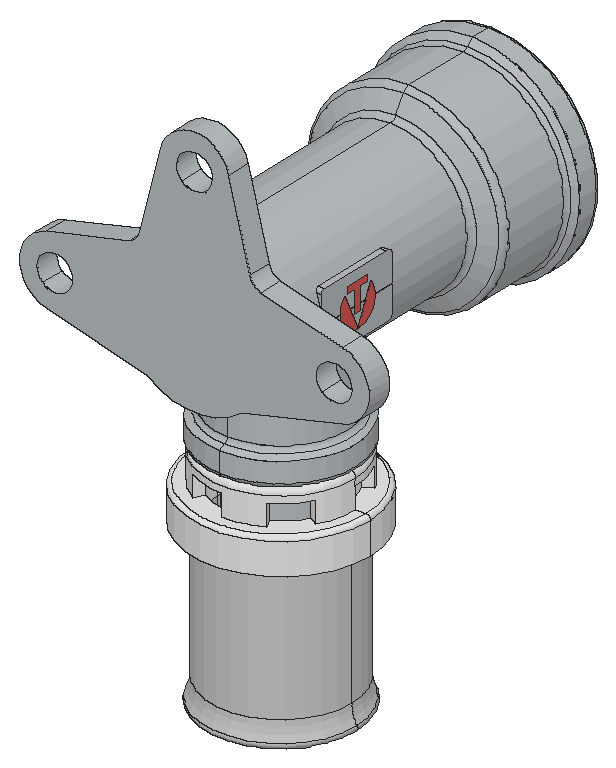
Revit family "VTm_254Н_ВодорозеткаПрессУдлинен_ПереходВнутрРезьба", category Соединительные детали трубопроводов, Revit 2017
Family settings
  Размер круглого соединителя = Использовать диаметр
  Тип детали = Отвод
  На основе рабочей плоскости = Нет
  Всегда вертикально = Да
  При загрузке вырезать с полостями = Нет
  Общий = Нет
Parameters (values of type "16 х 1/2"")
  Тело = VTm_254Н_ТелоРозетки_16_на_ПолДюйма : VTm_254Н_ТелоРозетки_16_на_ПолДюйма
  Стоимость = 0
  Символ вид сбоку и модель [instance] = yes
  Символ в плане и вид спереди [instance] = yes
  Резьба = VTm_254Н_РезьбаСоСбегами_Внутр : 1/2" х 5 х 1
  РадОтверстий = 2.50 mm  # constant formula
  РадНаружПодРезьбу = 12.00 mm
  РадВнутрПодРезьбу = 11.00 mm
  РадБазы2 = DN2 / 4  # 3.75 mm
  РадБазы1 = DN1 / 4  # 4.00 mm
  ПодРезьбу х 07 = ПодРезьбу * 0.7  # 9.096 mm
  ПодРезьбу = 12.995 mm
  Описание = "Служит для соединения резьбовых фитингов и сантехприборов с системами металлополимерных, PEX и PE труб на пресс с поворотом на 90° и неподвижным креплением к строительным конструкциям"  # constant formula
  Комментарии к типоразмеру = "Модель разработана по заказу ВЕСТА Регионы, автор Михаил Кузьмин НПО Инкомис, правообладатель ВЕСТА Регионы"  # constant formula
  Изготовитель = "VALTEC"  # constant formula
  ДоЦентраОтверстий = 17.50 mm
  ДоПятки = 13.50 mm
  ДлинаБазы2 = 20.00 mm
  ДлинаБазы1 = 20.40 mm
  Гильза = VTm_254Н_Гильза_16 : 16
  Видеть резьбу [instance] = yes
  VT_Цена базовая = 251
  VT_sleeve = Нержавеющая сталь
  VT_ring = Пластмасса, непрозрачная, белая
  VT_logo [instance] = Алюминий, анодированный красный
  VT_body = Цинк
  URL = "http://valtec.ru/catalog/sistemy_metallopolimernyh_i_polimernyh_truboprovodov/press_fitingi/press_fiting_ugolnik_s_krepleniem_vodorozetka_vtm254n.html"
  DN2 = 15.00 mm
  DN1 = 16.00 mm
  ADSK_Примечание = ""
  ADSK_Позиция = "254Н.1604"
  ADSK_Обозначение = "VTm.254Н.N.001604"
  ADSK_Наименование = "Водорозетка удлиненная пресс с переходом на внутреннюю резьбу 16х1/2\" VTm.254Н"
  ADSK_Масса_Текст = "0,119"
  ADSK_Масса = 0.119
  ADSK_Завод-изготовитель = "VALTEC"  # constant formula
  ADSK_Единица измерения = "шт"  # constant formula
  ADSK_Версия семейства = "01.01"  # constant formula
  ADSK_Версия Revit = "2017"  # constant formula
Reference planes
  plane 1 "По центру (Вперед/Назад)": y = 0
  plane 2: z = 0
  plane 3 "По центру (Влево/Вправо)": x = 0
  plane 4: y = 20
  plane 5: y = 32.995
  plane 6: z = -20.4
  plane 7: z = -36.4
  plane 8: z = -52.4
  plane 9: x = -16
  plane 10: x = 16
  plane 11: y = 29.096
  plane 12: y = 16
  plane 13: y = -16
  plane 14: z = -15
  plane 15: z = 15
  plane 16: x = -15
  plane 17: x = 15
  plane 18 "Пятка": y = -13.5
  plane 19: z = 17.5
  plane 20: x = 17.5
  plane 21: x = -17.5
Forms (mm)
  Extrusion 1, solid, not visible
    sketch origin (0, 0, 0) x (1, 0, 0) y (0, 0, 1)
      loop
        circle (0, 0) r 3.75
    from -20 to 0
  Extrusion 2, solid, not visible
    sketch origin (0, 0, 0) x (1, 0, 0) y (0, 1, 0)
      loop
        circle (0, 0) r 4
    from -20.4 to 0
  Extrusion 3, solid, material "Цинк" <- "VT_body", not visible
    sketch origin (0, 0, 0) x (1, 0, 0) y (0, 0, 1)
      loop
        circle (0, 0) r 12
      loop
        circle (0, 0) r 11
    from -32.995 to -20
Lines and regions (mm)
  model lines, style "VT_symbol", visible <- "Символ в плане и вид спереди", detail levels medium
    curve 1: line (-16, 0, -20.4) -> (16, 0, -52.4)
    curve 2: line (-16, 0, -52.4) -> (16, 0, -20.4)
    curve 10: line (-15, 29.096, 0) -> (-15, 20, 0)
    curve 11: line (-15, 20, 0) -> (15, 20, 0)
    curve 12: line (15, 20, 0) -> (15, 29.096, 0)
  model lines, style "VT_symbol", detail levels coarse+medium
    curve 3: line (0, 0, 0) -> (0, 0, -20.4)
    curve 4: line (0, 20, 0) -> (0, 0, 0)
  model lines, style "VT_symbol", visible <- "Символ вид сбоку и модель", detail levels medium
    curve 5: line (0, 16, -20.4) -> (0, -16, -52.4)
    curve 6: line (0, 16, -52.4) -> (0, -16, -20.4)
    curve 7: line (0, 29.096, 15) -> (0, 20, 15)
    curve 8: line (0, 20, 15) -> (0, 20, -15)
    curve 9: line (0, 20, -15) -> (0, 29.096, -15)
  model lines, style "VT_symbol", detail levels medium
    curve 13: line (-17.5, -13.5, 0) -> (17.5, -13.5, 0)
    curve 14: line (0, -13.5, 17.5) -> (0, -13.5, 0)
    curve 15: circle (0, -13.5, 17.5) r 2.5 normal (0, -1, 0)
    curve 16: circle (-17.5, -13.5, 0) r 2.5 normal (0, -1, 0)
    curve 17: circle (17.5, -13.5, 0) r 2.5 normal (0, -1, 0)
Dimensions and locks
  "ДлинаБазы2": plane 4 to plane 1 "По центру (Вперед/Назад)"
  "ПодРезьбу": plane 5 to plane 4
  "ДлинаБазы1": plane 2 to plane 6
  equal spacing: plane 10, plane 3 "По центру (Влево/Вправо)", plane 9
  equal spacing: plane 6, plane 7, plane 8
  "DN1": plane 3 "По центру (Влево/Вправо)" to plane 9
  "DN1": plane 6 to plane 7
  equal spacing: plane 12, plane 1 "По центру (Вперед/Назад)", plane 13
  "DN1": plane 1 "По центру (Вперед/Назад)" to plane 13
  equal spacing: plane 14, plane 2, plane 15
  "DN2": plane 2 to plane 15
  "ПодРезьбу х 07": plane 11 to plane 4
  equal spacing: plane 16, plane 3 "По центру (Влево/Вправо)", plane 17
  "DN2": plane 16 to plane 3 "По центру (Влево/Вправо)"
  equal spacing: plane 21, plane 3 "По центру (Влево/Вправо)", plane 20
  "ДоЦентраОтверстий": plane 20 to plane 3 "По центру (Влево/Вправо)"
  "ДоЦентраОтверстий": plane 19 to plane 2
  "ДоПятки": plane 18 "Пятка" to plane 1 "По центру (Вперед/Назад)"
  "РадБазы2": radius of Extrusion 1 sketch curve
  "РадБазы1": radius of Extrusion 2 sketch curve
  "РадВнутрПодРезьбу": radius of Extrusion 3 sketch curve
  "РадНаружПодРезьбу": radius of Extrusion 3 sketch curve
  "РадОтверстий": radius of curve 15
  "РадОтверстий": radius of curve 16
  "РадОтверстий": radius of curve 17
  aligned and locked: level to plane 2
  aligned and locked: plane 3 "По центру (Влево/Вправо)" to Extrusion 1 sketch curve
  aligned and locked: plane 2 to Extrusion 1 sketch curve
  aligned and locked: plane 4 to Extrusion 1
  aligned and locked: plane 1 "По центру (Вперед/Назад)" to Extrusion 1
  aligned and locked: plane 3 "По центру (Влево/Вправо)" to Extrusion 2 sketch curve
  aligned and locked: plane 1 "По центру (Вперед/Назад)" to Extrusion 2 sketch curve
  aligned and locked: Extrusion 2 to plane 6
  aligned and locked: plane 2 to Extrusion 2
  aligned and locked: plane 3 "По центру (Влево/Вправо)" to Extrusion 3 sketch curve  (x2)
  aligned and locked: plane 2 to Extrusion 3 sketch curve  (x2)
  aligned and locked: plane 5 to Extrusion 3
  aligned and locked: Extrusion 3 to plane 4
  aligned and locked: plane 3 "По центру (Влево/Вправо)" to nested 1
  aligned and locked: nested 2 to plane 1 "По центру (Вперед/Назад)"
  aligned and locked: plane 3 "По центру (Влево/Вправо)" to nested 2
  aligned and locked: plane 3 "По центру (Влево/Вправо)" to nested 3
  aligned and locked: nested 3 to plane 2
  aligned and locked: plane 1 "По центру (Вперед/Назад)" to nested 4
  aligned and locked: plane 3 "По центру (Влево/Вправо)" to nested 4
  aligned and locked: nested 5 to plane 2
  aligned and locked: plane 3 "По центру (Влево/Вправо)" to nested 5
  aligned and locked: plane 9 to curve 1
  aligned and locked: plane 6 to curve 1
  aligned and locked: plane 10 to curve 2
  aligned and locked: plane 6 to curve 2
  aligned and locked: plane 10 to curve 1
  aligned and locked: plane 8 to curve 1
  aligned and locked: plane 8 to curve 2
  aligned and locked: plane 9 to curve 2
  aligned and locked: plane 6 to curve 3
  aligned and locked: plane 2 to curve 3
  aligned and locked: curve 3 to plane 3 "По центру (Влево/Вправо)"
  aligned and locked: curve 3 to plane 1 "По центру (Вперед/Назад)"
  aligned and locked: plane 4 to curve 4
  aligned and locked: plane 1 "По центру (Вперед/Назад)" to curve 4
  aligned and locked: curve 4 to plane 3 "По центру (Влево/Вправо)"
  aligned and locked: plane 12 to curve 5
  aligned and locked: plane 6 to curve 5
  aligned and locked: plane 6 to curve 6
  aligned and locked: plane 13 to curve 6
  aligned and locked: plane 13 to curve 5
  aligned and locked: plane 8 to curve 5
  aligned and locked: plane 8 to curve 6
  aligned and locked: plane 12 to curve 6
  aligned and locked: plane 4 to curve 8
  aligned and locked: plane 15 to curve 7
  aligned and locked: plane 14 to curve 9
  aligned and locked: plane 11 to curve 7
  aligned and locked: plane 11 to curve 9
  aligned and locked: curve 10 to plane 16
  aligned and locked: curve 11 to plane 4
  aligned and locked: plane 17 to curve 12
  aligned and locked: curve 14 to plane 3 "По центру (Влево/Вправо)"
  aligned and locked: curve 13 to plane 2
  aligned and locked: plane 19 to curve 14
  aligned and locked: plane 21 to curve 13
  aligned and locked: plane 20 to curve 13
  aligned and locked: plane 21 to curve 16
  aligned and locked: plane 2 to curve 16
  aligned and locked: plane 20 to curve 17
  aligned and locked: plane 2 to curve 17
  aligned and locked: plane 3 "По центру (Влево/Вправо)" to curve 15
  aligned and locked: plane 19 to curve 15
  aligned and locked: curve 5 to plane 3 "По центру (Влево/Вправо)"
  aligned and locked: plane 3 "По центру (Влево/Вправо)" to curve 6
  aligned and locked: curve 1 to plane 1 "По центру (Вперед/Назад)"
  aligned and locked: plane 1 "По центру (Вперед/Назад)" to curve 2
  aligned and locked: curve 8 to plane 3 "По центру (Влево/Вправо)"
  aligned and locked: plane 1 "По центру (Вперед/Назад)" to nested 1
Automatic sketch dimensions
  plane 11 to curve 12 = 0.00 mm
  plane 11 to curve 10 = 0.00 mm
Nested families
  nested 1: "VTm_254Н_ТелоРозетки_16_на_ПолДюйма" at (0, 0, 0), type <- "Тело", type "VTm_254Н_ТелоРозетки_16_на_ПолДюйма", detail levels fine
  nested 2: "VTm_254Н_Гильза_16" at (0, 0, -20.4) x (1, 0, 0) z (0, 0, -1), type <- "Гильза", type "16", detail levels fine
  nested 3: "VTm_254Н_РезьбаСоСбегами_Внутр" at (0, 32.995, 0) x (1, 0, 0) z (0, -1, 0), type <- "Резьба", visible <- "Видеть резьбу", type "1/2" х 5 х 1", detail levels fine
  nested 4: "MarkR" at (0, 0, -20.4), type "MarkR", not visible
  nested 5: "MarkR" at (0, 20, 0) x (1, 0, 0) z (0, -1, 0), type "MarkR", not visible
Connectors
  piping at (0, 0, -20.4), diameter 16, driven by "DN1"
    settings: on Extrusion 2, index 1, connector inside diameter 609.6 mm, connector length 0.00 mm, flow factor 0, pipe flow 0.0 L/s, pressure drop 0.0 Pa, fitting loss kfactor 0, connector angle 0.00°, fixture units 0, engagement length 0.00 mm, angle of deflection 0.00°, flow configuration 0, flow direction 0, fitting loss method 0, system type 28, joint type 0, gender type 0, connector reference index 2, connector utility 0, adjustable connector no, is connector primary yes, connector description ""
  piping at (0, 20, 0), diameter 15, driven by "DN2"
    settings: on Extrusion 1, index 2, connector inside diameter 609.6 mm, connector length 0.00 mm, flow factor 0, pipe flow 0.0 L/s, pressure drop 0.0 Pa, fitting loss kfactor 0, connector angle 90.00°, fixture units 0, engagement length 0.00 mm, angle of deflection 0.00°, flow configuration 0, flow direction 0, fitting loss method 0, system type 28, joint type 0, gender type 0, connector reference index 1, connector utility 0, adjustable connector no, is connector primary no, connector description ""
Definition of nested family "VTm_254Н_ТелоРозетки_16_на_ПолДюйма"
  Parameters (values of type "VTm_254Н_ТелоРозетки_16_на_ПолДюйма")
    Description = ""
    Type Comments = ""
    VT_logo = none
    VT_body = none
  Reference planes
    plane 1 "По центру (Вперед/Назад)": y = 0
    plane 2: z = 0
    plane 3 "По центру (Влево/Вправо)": x = 0
    plane 4: z = 22
    plane 5: z = 17.5
    plane 6: x = 22
    plane 7: x = 17.5
    plane 8: x = -22
    plane 9: x = -17.5
    plane 10: x = -9.5
    plane 11: x = 9.5
  Forms (mm)
    Revolve 1, solid, material <- "VT_body"
      sketch origin (0, 0, 0) x (0, 1, 0) y (0, 0, 1)
        loop
          line (28.586, 12.5) -> (20.08, 12.5)
          arc (20.08, 12.5) -> (19.578, 12.366) -> (19.21, 11.998) r 1.004
          line (19.21, 11.998) -> (18.061, 10.007)
          arc (18.061, 10.007) -> (17.69, 9.636) -> (17.183, 9.5) r 1.014
          line (17.183, 9.5) -> (-10.5, 9.5) -> (-10.5, 0) -> (20, 0) -> (20, 9.9) -> (32.287, 9.9) -> (33, 10.613) -> (33, 12.998)
          arc (33, 12.998) -> (32.853, 13.353) -> (32.498, 13.5) r 0.502
          line (32.498, 13.5) -> (30, 13.5) -> (29.292, 12.793)
          arc (29.292, 12.793) -> (28.968, 12.576) -> (28.586, 12.5) r 0.999
        axis (33, 0) -> (-10.5, 0)
      angle from 0 to 360
    Revolve 2, solid, material <- "VT_body"
      sketch origin (0, 0, 0) x (0, 1, 0) y (0, 0, 1)
        loop
          line (8.344, 0) -> (0, 0) -> (0, -18.6) -> (8.997, -18.6)
          arc (8.997, -18.6) -> (9.353, -18.453) -> (9.5, -18.097) r 0.503
          line (9.5, -18.097) -> (9.5, -15.6) -> (8.736, -15.159)
          arc (8.736, -15.159) -> (8.449, -14.872) -> (8.344, -14.479) r 0.785
          line (8.344, -14.479) -> (8.344, 0)
        axis (0, -18.6) -> (0, 0)
      angle from 0 to 360
    Extrusion 3, solid, material <- "VT_body"
      sketch origin (-1.204, 0, -4.867) x (-0.707107, 0, -0.707107) y (0.707107, 0, -0.707107)
        loop
          arc (5.143, -1.486) -> (2.425, 4.127) -> (-3.188, 6.845) r 9.5
          line (-3.188, 6.845) -> (-14.381, 13.582)
          arc (-14.381, 13.582) -> (-19.802, 12.918) -> (-20.465, 7.498) r 4.433
          line (-20.465, 7.498) -> (-15.014, -1.559)
          arc (-15.014, -1.559) -> (-14.727, -2.591) -> (-15.014, -3.622) r 2
          line (-15.014, -3.622) -> (-20.465, -12.679)
          arc (-20.465, -12.679) -> (-19.802, -18.099) -> (-14.381, -18.763) r 4.433
          line (-14.381, -18.763) -> (-5.324, -13.312)
          arc (-5.324, -13.312) -> (-4.293, -13.025) -> (-3.261, -13.312) r 2
          line (-3.261, -13.312) -> (5.796, -18.763)
          arc (5.796, -18.763) -> (11.216, -18.099) -> (11.879, -12.679) r 4.433
          line (11.879, -12.679) -> (5.143, -1.486)
        loop
          circle (8.082, -14.965) r 2.25
        loop
          circle (-16.667, -14.965) r 2.25
        loop
          circle (-16.667, 9.784) r 2.25
      from 10.5 to 13.5
    Extrusion 4, solid, material <- "VT_body"
      sketch origin (0, 0, 0) x (0, 1, 0) y (0, 0, 1)
        loop
          arc (-4.968, 4) -> (-5.344, 3.844) -> (-5.5, 3.468) r 0.532
          line (-5.5, 3.468) -> (-5.5, -3.347)
          arc (-5.5, -3.347) -> (-5.309, -3.809) -> (-4.847, -4) r 0.653
          line (-4.847, -4) -> (4.652, -4)
          arc (4.652, -4) -> (5.252, -3.752) -> (5.5, -3.152) r 0.848
          line (5.5, -3.152) -> (5.5, 3.27)
          arc (5.5, 3.27) -> (5.286, 3.786) -> (4.77, 4) r 0.73
          line (4.77, 4) -> (-4.968, 4)
      from -9.5 to 9.5
  Cuts and joins
    joined: Revolve 1, Revolve 2
  Dimensions and locks
    Revolve 1 sketch curve to Revolve 1 sketch curve = 13.00 mm
    equal spacing: Extrusion 4 sketch curve, plane 1 "По центру (Вперед/Назад)", Extrusion 4 sketch curve
    equal spacing: Extrusion 4 sketch curve, plane 2, Extrusion 4 sketch curve
    plane 1 "По центру (Вперед/Назад)" to Extrusion 4 sketch curve = 5.50 mm
    Extrusion 4 sketch curve to plane 2 = 4.00 mm
    equal spacing: plane 11, plane 3 "По центру (Влево/Вправо)", plane 10, locked at 9.5 each
    plane 3 "По центру (Влево/Вправо)" to plane 10 = 9.50 mm
    locked: plane 1 "По центру (Вперед/Назад)" to Extrusion 3 at 13.5
    locked: plane 1 "По центру (Вперед/Назад)" to Extrusion 3 at 10.5
    locked: plane 5 to plane 2 at 17.5
    locked: plane 4 to plane 2 at 22
    locked: plane 2 to Revolve 2 at 15.6
    Revolve 1 to plane 1 "По центру (Вперед/Назад)" = 33.00 mm
    Revolve 1 to plane 1 "По центру (Вперед/Назад)" = 20.00 mm
    equal spacing: Extrusion 4, plane 2, Extrusion 4, locked at 4 each
    equal spacing: Extrusion 4, plane 1 "По центру (Вперед/Назад)", Extrusion 4, locked at 5.5 each
    equal spacing: plane 9, plane 3 "По центру (Влево/Вправо)", plane 7, locked at 17.5 each
    equal spacing: plane 8, plane 3 "По центру (Влево/Вправо)", plane 6, locked at 22 each
    aligned and locked: level to plane 2
    aligned and locked: Revolve 1 sketch curve to plane 2
    aligned and locked: Revolve 1 sketch curve to Revolve 1 sketch curve
    aligned and locked: plane 1 "По центру (Вперед/Назад)" to Revolve 2 sketch curve
    aligned and locked: Revolve 2 sketch curve to Revolve 2 sketch curve
    aligned and locked: plane 5 to Extrusion 3 sketch curve  (x2)
    aligned and locked: plane 3 "По центру (Влево/Вправо)" to Extrusion 3 sketch curve  (x2)
    aligned and locked: plane 9 to Extrusion 3 sketch curve  (x2)
    aligned and locked: plane 2 to Extrusion 3 sketch curve  (x4)
    aligned and locked: plane 7 to Extrusion 3 sketch curve  (x2)
    aligned and locked: Extrusion 4 to plane 10
    aligned and locked: Extrusion 4 to plane 11
    aligned and locked: plane 1 "По центру (Вперед/Назад)" to nested 2
    aligned and locked: nested 2 to plane 2
    aligned and locked: nested 1 to plane 1 "По центру (Вперед/Назад)"
    aligned and locked: nested 1 to plane 2
  Automatic sketch dimensions
    Revolve 2 sketch curve to level = 0.00 mm
    Revolve 2 sketch curve to plane 1 "По центру (Вперед/Назад)" = 8.344 mm
    Revolve 2 sketch curve to Revolve 2 sketch curve = 0.392 mm  (x2)
    Revolve 2 sketch curve to Revolve 2 sketch curve = 0.26 mm
    Revolve 2 sketch curve to Revolve 2 sketch curve = 0.441 mm
    Revolve 2 sketch curve to Revolve 2 sketch curve = 2.497 mm
    Revolve 2 sketch curve to Revolve 2 sketch curve = 11.801 mm
    level to Revolve 2 sketch curve = 14.599 mm
    Revolve 2 sketch curve to Revolve 2 sketch curve = 14.479 mm
    Extrusion 3 sketch curve to level = 0.00 mm
    Extrusion 3 sketch curve to plane 3 "По центру (Влево/Вправо)" = 0.00 mm
    Extrusion 3 sketch curve to Extrusion 3 sketch curve = 0.06 mm  (x2)
    Extrusion 3 sketch curve to Extrusion 3 sketch curve = 3.798 mm  (x4)
    Extrusion 3 sketch curve to Extrusion 3 sketch curve = 1.714 mm  (x2)
    Extrusion 3 sketch curve to Extrusion 3 sketch curve = 2.286 mm  (x3)
    Extrusion 3 sketch curve to Extrusion 3 sketch curve = 9.057 mm  (x2)
    Extrusion 3 sketch curve to Extrusion 3 sketch curve = 1.031 mm  (x2)
    Extrusion 3 sketch curve to Extrusion 3 sketch curve = 1.104 mm  (x2)
    Extrusion 3 sketch curve to Extrusion 3 sketch curve = 9.436 mm
    Extrusion 4 sketch curve to Extrusion 4 sketch curve = 0.532 mm
    Extrusion 4 sketch curve to Extrusion 4 sketch curve = 0.653 mm
    Extrusion 4 sketch curve to Extrusion 4 sketch curve = 0.848 mm
    Extrusion 4 sketch curve to Extrusion 4 sketch curve = 0.73 mm
    plane 1 "По центру (Вперед/Назад)" to Revolve 1 sketch curve = 10.50 mm
    Revolve 1 sketch curve to plane 5 = 8.00 mm
    Revolve 1 sketch curve to plane 1 "По центру (Вперед/Назад)" = 17.183 mm
    Revolve 1 sketch curve to plane 5 = 7.493 mm
    Revolve 1 sketch curve to Revolve 1 sketch curve = 0.878 mm
    Revolve 1 sketch curve to plane 5 = 5.502 mm
    Revolve 1 sketch curve to Revolve 1 sketch curve = 2.817 mm
    Revolve 1 sketch curve to Revolve 1 sketch curve = 0.869 mm
    Revolve 1 sketch curve to Revolve 1 sketch curve = 4.414 mm
    Revolve 1 sketch curve to plane 5 = 4.707 mm
    Revolve 1 sketch curve to Revolve 1 sketch curve = 0.707 mm  (x2)
    Revolve 1 sketch curve to plane 5 = 7.60 mm
    Revolve 1 sketch curve to Revolve 1 sketch curve = 0.713 mm  (x2)
    Revolve 1 sketch curve to Revolve 1 sketch curve = 0.502 mm
    Revolve 1 sketch curve to Revolve 1 sketch curve = 11.335 mm
    Revolve 1 sketch curve to Revolve 1 sketch curve = 2.256 mm
    radius of Extrusion 3 sketch curve = 2.25 mm  (x3)
  Nested families
    nested 1: "VTm_254Н_Logo_5_5mm" at (9.5, 0, 0) x (0, 1, 0) z (1, 0, 0), type "VTm_254Н_Logo_5_5mm"
    nested 2: "VTm_254Н_Logo_5_5mm" at (-9.5, 0, 0) x (0, -1, 0) z (-1, 0, 0), type "VTm_254Н_Logo_5_5mm"
  Definition of nested family "VTm_254Н_Logo_5_5mm"
    Parameters (values of type "VTm_254Н_Logo_5_5mm")
      Default Elevation = 0.00 mm
      Description = ""
      Type Comments = ""
      VT_logo = none
    Reference planes
      plane 1 "По центру (Вперед/Назад)": y = 0
      plane 2: z = 0
      plane 3 "По центру (Влево/Вправо)": x = 0
      plane 4: z = -0.8
      plane 5: z = 0.1
    Forms (mm)
      Extrusion 1, solid, not visible
        sketch origin (0, 0, 0) x (1, 0, 0) y (0, 1, 0)
          loop
            line (-1219.2, 1219.2) -> (-1219.2, -1219.2) -> (1219.2, -1219.2) -> (1219.2, 1219.2) -> (-1219.2, 1219.2)
        from 0 to -304.8
      Extrusion 2, solid, material <- "VT_logo"
        sketch origin (0, 0, 0) x (1, 0, 0) y (0, 1, 0)
          loop
            arc (-2.006, 1.803) -> (-2.464, -1.097) -> (-0.002, -2.697) r 2.697
            line (-0.002, -2.697) -> (-2.006, 1.803)
          loop
            line (-0.42, 1.945) -> (-0.42, -0.8) -> (0.42, -0.8) -> (0.42, 1.945) -> (1.5, 1.945) -> (1.5, 2.749) -> (-1.5, 2.749) -> (-1.5, 1.945) -> (-0.42, 1.945)
        from -0.8 to 0.1
      Extrusion 3, solid, material <- "VT_logo"
        sketch origin (0, 0, 0) x (1, 0, 0) y (0, 1, 0)
          loop
            arc (0.002, -2.697) -> (2.464, -1.097) -> (2.006, 1.803) r 2.697
            line (2.006, 1.803) -> (0.002, -2.697)
        from -0.8 to 0.1
    Dimensions and locks
      equal spacing: Extrusion 2 sketch curve, plane 3 "По центру (Влево/Вправо)", Extrusion 2 sketch curve  (x2)
      plane 3 "По центру (Влево/Вправо)" to Extrusion 2 sketch curve = 0.42 mm
      Extrusion 2 sketch curve to plane 3 "По центру (Влево/Вправо)" to Extrusion 2 sketch curve = 1.50 mm, 1.50 mm
      Extrusion 2 sketch curve to Extrusion 2 sketch curve = 0.803 mm  (x2)
      locked: plane 2 to plane 4 at 0.8
      locked: plane 5 to plane 2 at 0.1
      equal spacing: Extrusion 2, plane 3 "По центру (Влево/Вправо)", Extrusion 2, locked at 1.5 each
      equal spacing: Extrusion 2, plane 3 "По центру (Влево/Вправо)", Extrusion 2, locked at 0.42 each
      locked: Extrusion 2 to plane 1 "По центру (Вперед/Назад)" at 2.749
      locked: Extrusion 2 to plane 1 "По центру (Вперед/Назад)" at 0.8
      locked: Extrusion 2 to Extrusion 2 at 0.803
      Extrusion 2 sketch curve to plane 1 "По центру (Вперед/Назад)" = 0.80 mm
      aligned and locked: plane 2 to Extrusion 1
      aligned and locked: level to Extrusion 1
      aligned and locked: plane 5 to Extrusion 2
      aligned and locked: plane 3 "По центру (Влево/Вправо)" to Extrusion 2 sketch curve
      aligned and locked: plane 1 "По центру (Вперед/Назад)" to Extrusion 2 sketch curve
      aligned and locked: plane 3 "По центру (Влево/Вправо)" to Extrusion 3 sketch curve
      aligned and locked: plane 1 "По центру (Вперед/Назад)" to Extrusion 3 sketch curve
      aligned and locked: plane 5 to Extrusion 3
      aligned and locked: Extrusion 2 to plane 4
      aligned and locked: Extrusion 2 to Extrusion 3
    Automatic sketch dimensions
      Extrusion 1 sketch curve to Extrusion 1 sketch curve = 2438.40 mm  (x2)
      Extrusion 2 sketch curve to Extrusion 2 sketch curve = 0.506 mm
      Extrusion 2 sketch curve to plane 3 "По центру (Влево/Вправо)" = 0.002 mm
      Extrusion 2 sketch curve to Extrusion 2 sketch curve = 1.897 mm
      Extrusion 2 sketch curve to Extrusion 2 sketch curve = 0.142 mm
      plane 3 "По центру (Влево/Вправо)" to Extrusion 3 sketch curve = 0.002 mm
      plane 3 "По центру (Влево/Вправо)" to Extrusion 3 sketch curve = 2.006 mm
      plane 1 "По центру (Вперед/Назад)" to Extrusion 3 sketch curve = 2.697 mm
Definition of nested family "VTm_254Н_Гильза_16"
  Parameters (values of type "16")
    ТолщСтенкТруб = 2.10 mm
    РегулировкаВысотГильз = 17.30 mm
    РадПерфНаруж = 9.30 mm
    РадПерфВнутр = РадПерфНаруж - 1.30 mm  # 8.00 mm
    РадГабаритКольца = 11.20 mm
    Default Elevation = 0.00 mm
    НарРадТруб = НарДиамТруб / 2  # 8.00 mm
    НарДиамТруб = 16.00 mm
    ВысотаОкон = 2.697 mm
    VT_body = none
    VT_ring = none
    VT_sleeve = none
  Reference planes
    plane 1 "По центру (Вперед/Назад)": y = 0
    plane 2: z = 0
    plane 3 "По центру (Влево/Вправо)": x = 0
    plane 4: z = -1.8
    plane 5: z = 2.697
    plane 6: z = 7.197
    plane 7: x = -11.2
    plane 8: x = -9.3
    plane 9 "РадПерфВнутр": x = -8
    plane 10: through (0, 0, 1219.2) normal (-0.5, -0.866, 0)
    plane 11: through (0, 0, 1219.2) normal (-0.866, -0.5, 0)
    plane 12: through (0, 0, 1219.2) normal (-0.866, 0.5, 0)
    plane 13: through (0, 0, 1219.2) normal (-0.5, 0.866, 0)
    plane 14: x = -8.9
    plane 15: z = 24.497
    plane 16: z = 27.313
    plane 17: x = -5.9
    plane 18: x = -3.5
    plane 19 "РадНарТруб": x = -8
    plane 20: x = -13.75
  Forms (mm)
    Extrusion 1, solid, not visible
      sketch origin (0, 0, 0) x (1, 0, 0) y (0, 1, 0)
        loop
          line (-1219.2, 1219.2) -> (-1219.2, -1219.2) -> (1219.2, -1219.2) -> (1219.2, 1219.2) -> (-1219.2, 1219.2)
      from 0 to -304.8
    Revolve 2, solid, material <- "VT_ring"
      sketch origin (0, 0, 0) x (1, 0, 0) y (0, 0, 1)
        loop
          line (-8, 0) -> (-8, 2.697) -> (-9.3, 2.697) -> (-9.3, -0.817)
          arc (-9.3, -0.817) -> (-9.012, -1.512) -> (-8.317, -1.8) r 0.983
          line (-8.317, -1.8) -> (0, -1.8) -> (0, 0) -> (-8, 0)
        axis (0, 2.697) -> (0, -1.8)
      angle from 0 to 360
    Extrusion 3, void
      sketch origin (0, 0, 0) x (1, 0, 0) y (0, 1, 0)
        loop
          line (-9.3, 0) -> (-8, 0)
          arc (-8, 0) -> (-7.727, 2.071) -> (-6.928, 4) r 8
          line (-6.928, 4) -> (-8.054, 4.65)
          arc (-8.054, 4.65) -> (-8.983, 2.407) -> (-9.3, 0) r 9.3
        loop
          arc (-4, 6.928) -> (-2.071, 7.727) -> (0, 8) r 8
          line (0, 8) -> (0, 9.3)
          arc (0, 9.3) -> (-2.407, 8.983) -> (-4.65, 8.054) r 9.3
          line (-4.65, 8.054) -> (-4, 6.928)
        loop
          arc (4, 6.928) -> (5.657, 5.657) -> (6.928, 4) r 8
          line (6.928, 4) -> (8.054, 4.65)
          arc (8.054, 4.65) -> (6.576, 6.576) -> (4.65, 8.054) r 9.3
          line (4.65, 8.054) -> (4, 6.928)
        loop
          arc (8, 0) -> (7.727, -2.071) -> (6.928, -4) r 8
          line (6.928, -4) -> (8.054, -4.65)
          arc (8.054, -4.65) -> (8.983, -2.407) -> (9.3, 0) r 9.3
          line (9.3, 0) -> (8, 0)
        loop
          arc (4, -6.928) -> (2.071, -7.727) -> (0, -8) r 8
          line (0, -8) -> (0, -9.3)
          arc (0, -9.3) -> (2.407, -8.983) -> (4.65, -8.054) r 9.3
          line (4.65, -8.054) -> (4, -6.928)
        loop
          arc (-8.054, -4.65) -> (-6.576, -6.576) -> (-4.65, -8.054) r 9.3
          line (-4.65, -8.054) -> (-4, -6.928)
          arc (-4, -6.928) -> (-5.657, -5.657) -> (-6.928, -4) r 8
          line (-6.928, -4) -> (-8.054, -4.65)
      from 0 to 2.697
    Revolve 4, solid, material <- "VT_ring"
      sketch origin (0, 0, 0) x (1, 0, 0) y (0, 0, 1)
        loop
          line (-11.2, 7.197) -> (-11.2, 3.224)
          arc (-11.2, 3.224) -> (-11.046, 2.851) -> (-10.674, 2.697) r 0.526
          line (-10.674, 2.697) -> (-8, 2.697) -> (-8, 7.197) -> (-11.2, 7.197)
        axis (0, 2.697) -> (0, 7.197)
      angle from 0 to 360
    Revolve 5, solid, material <- "VT_sleeve"
      sketch origin (0, 0, 0) x (1, 0, 0) y (0, 0, 1)
        loop
          line (-8.9, 7.197) -> (-8, 7.197) -> (-8, 24.497)
          arc (-8, 24.497) -> (-8.187, 25.953) -> (-8.737, 27.313) r 5.75
          arc (-8.737, 27.313) -> (-9.35, 27.485) -> (-9.522, 26.873) r 0.45
          arc (-9.522, 26.873) -> (-9.058, 25.725) -> (-8.9, 24.497) r 4.85
          line (-8.9, 24.497) -> (-8.9, 7.197)
        axis (0, 27.313) -> (0, 7.197)
      angle from 0 to 360
    Revolve 6, solid, material <- "VT_body"
      sketch origin (0, 0, 0) x (1, 0, 0) y (0, 0, 1)
        loop
          line (-3.764, 24.955) -> (-4.576, 26.366)
          arc (-4.576, 26.366) -> (-4.898, 26.631) -> (-5.315, 26.617) r 0.591
          arc (-5.315, 26.617) -> (-5.74, 26.267) -> (-5.9, 25.739) r 0.951
          line (-5.9, 25.739) -> (-5.9, 0) -> (-3.5, 0) -> (-3.5, 23.969)
          arc (-3.5, 23.969) -> (-3.567, 24.479) -> (-3.764, 24.955) r 1.977
        axis (0, 26.617) -> (0, 0)
      angle from 0 to 360
  Cuts and joins
    Extrusion 3 cuts Revolve 2
  Dimensions and locks
    "РадГабаритКольца": plane 7 to plane 3 "По центру (Влево/Вправо)"
    "РадПерфНаруж": plane 8 to plane 3 "По центру (Влево/Вправо)"
    "РадПерфВнутр": plane 9 "РадПерфВнутр" to plane 3 "По центру (Влево/Вправо)"
    locked: plane 17 to plane 18 at 2.4
    "ТолщСтенкТруб": plane 19 "РадНарТруб" to plane 17
    "НарРадТруб": plane 19 "РадНарТруб" to plane 3 "По центру (Влево/Вправо)"
    locked: plane 14 to plane 19 "РадНарТруб" at 0.9
    "РегулировкаВысотГильз": plane 15 to plane 6
    locked: plane 16 to plane 15 at 2.816
    plane 16 to plane 4 = 29.113 mm
    locked: plane 19 "РадНарТруб" to plane 20 at 5.75
    locked: plane 6 to plane 5 at 4.5
    locked: plane 2 to plane 4 at 1.8
    "ВысотаОкон": plane 5 to plane 2
    "РадПерфВнутр": radius of Extrusion 3 sketch curve  (x6)
    "РадПерфНаруж": radius of Extrusion 3 sketch curve  (x6)
    aligned and locked: plane 2 to Extrusion 1
    aligned and locked: level to Extrusion 1
    aligned and locked: Revolve 2 sketch curve to plane 8
    aligned and locked: Revolve 2 sketch curve to plane 3 "По центру (Влево/Вправо)"
    aligned and locked: plane 2 to Revolve 2 sketch curve
    aligned and locked: plane 4 to Revolve 2 sketch curve  (x2)
    aligned and locked: Revolve 2 sketch curve to plane 2
    aligned and locked: Extrusion 3 sketch curve to plane 1 "По центру (Вперед/Назад)"
    aligned and locked: plane 10 to Extrusion 3 sketch curve
    aligned and locked: plane 3 "По центру (Влево/Вправо)" to Extrusion 3 sketch curve  (x13)
    aligned and locked: plane 1 "По центру (Вперед/Назад)" to Extrusion 3 sketch curve  (x13)
    aligned and locked: Extrusion 3 to plane 2
    aligned and locked: plane 5 to Extrusion 3
    aligned and locked: Revolve 2 sketch curve to plane 9 "РадПерфВнутр"
    aligned and locked: Revolve 2 sketch curve to plane 5
    aligned and locked: Extrusion 3 sketch curve to plane 11
    aligned and locked: Extrusion 3 sketch curve to plane 3 "По центру (Влево/Вправо)"
    aligned and locked: Extrusion 3 sketch curve to plane 12
    aligned and locked: plane 13 to Extrusion 3 sketch curve
    aligned and locked: Extrusion 3 sketch curve to plane 10
    aligned and locked: plane 11 to Extrusion 3 sketch curve
    aligned and locked: Extrusion 3 sketch curve to plane 13
    aligned and locked: plane 12 to Extrusion 3 sketch curve
    aligned and locked: plane 9 "РадПерфВнутр" to Revolve 4 sketch curve
    aligned and locked: plane 7 to Revolve 4 sketch curve
    aligned and locked: plane 6 to Revolve 4 sketch curve
    aligned and locked: Revolve 4 sketch curve to plane 5
    aligned and locked: plane 3 "По центру (Влево/Вправо)" to Revolve 4 sketch curve
    aligned and locked: plane 4 to Revolve 4 sketch curve
    aligned and locked: plane 2 to Revolve 4 sketch curve
    aligned and locked: Revolve 5 sketch curve to plane 3 "По центру (Влево/Вправо)"
    aligned and locked: plane 4 to Revolve 5 sketch curve
    aligned and locked: plane 2 to Revolve 5 sketch curve
    aligned and locked: Revolve 5 sketch curve to plane 14
    aligned and locked: Revolve 5 sketch curve to plane 6
    aligned and locked: Revolve 6 sketch curve to plane 2
    aligned and locked: plane 17 to Revolve 6 sketch curve
    aligned and locked: Revolve 6 sketch curve to plane 3 "По центру (Влево/Вправо)"
    aligned and locked: plane 4 to Revolve 6 sketch curve
    aligned and locked: plane 2 to Revolve 6 sketch curve
    aligned and locked: Revolve 6 sketch curve to plane 18
    aligned and locked: Revolve 5 sketch curve to plane 19 "РадНарТруб"
    aligned and locked: plane 20 to Revolve 5 sketch curve  (x2)
    aligned and locked: plane 15 to Revolve 5 sketch curve  (x2)
  Automatic sketch dimensions
    Extrusion 1 sketch curve to Extrusion 1 sketch curve = 2438.40 mm  (x2)
    Revolve 2 sketch curve to plane 3 "По центру (Влево/Вправо)" = 0.00 mm
    Revolve 2 sketch curve to plane 9 "РадПерфВнутр" = 0.317 mm
    Revolve 4 sketch curve to Revolve 4 sketch curve = 0.526 mm
    Revolve 5 sketch curve to plane 16 = 0.00 mm
    Revolve 5 sketch curve to Revolve 5 sketch curve = 0.00 mm  (x2)
    Revolve 6 sketch curve to plane 17 = 0.423 mm
    Revolve 6 sketch curve to plane 17 = 0.812 mm
    Revolve 6 sketch curve to Revolve 6 sketch curve = 0.139 mm
    Revolve 6 sketch curve to Revolve 6 sketch curve = 0.512 mm
    plane 18 to Revolve 6 sketch curve = 0.264 mm
    plane 15 to Revolve 6 sketch curve = 0.528 mm
    Revolve 6 sketch curve to Revolve 6 sketch curve = 0.332 mm
Definition of nested family "VTm_254Н_РезьбаСоСбегами_Внутр"
  Parameters (values of type "1/2" х 5 х 1")
    Отступ от дна = 1.00 mm
    Default Elevation = 0.00 mm
    Z = 5
    VT_body = none
    P = 1.814 mm
    L = Z * P + P * 1.5  # 11.791 mm
    H = P * 0.96049  # 1.742 mm
    D2/2 = D2 / 2  # 9.896 mm
    D2 = 19.793 mm
    1/2P = P / 2  # 0.907 mm
  Reference planes
    plane 1 "По центру (Вперед/Назад)": y = 0
    plane 2: z = 0
    plane 3 "По центру (Влево/Вправо)": x = 0
    plane 4: x = -9.896
    plane 5: x = 9.897
    plane 6: x = -9.025
    plane 7: x = -10.768
    plane 8: x = 9.025
    plane 9: x = 10.768
    plane 10 "Верх резьбы": z = 12.791
    plane 11: z = 11.884
    plane 12: z = 10.977
    plane 13: z = 10.07
    plane 14 "Привязка массива": z = 2.814
    plane 15: z = 1.907
    plane 16 "Низ резьбы": z = 1
  Forms (mm)
    Extrusion 1, solid
      sketch origin (0, 0, 0) x (1, 0, 0) y (0, 1, 0)
        loop
          line (-1219.2, 1219.2) -> (-1219.2, -1219.2) -> (1219.2, -1219.2) -> (1219.2, 1219.2) -> (-1219.2, 1219.2)
      from 0 to -304.8
    SweptBlend 2, solid, material <- "VT_body"
      path origin (0, 0, 12.791) x (0, -1, 0) y (-1, 0, 0)
        loop
          arc (0, -9.897) -> (-9.897, 0) -> (0, 9.897) r 9.897
      profile origin (9.897, 0, 12.791) x (-1, 0, 0) y (0, 0, 1)
        loop
          line (-0.871, -0.907) -> (-0.871, -2.721) -> (0.871, -1.814) -> (-0.871, -0.907)
      end profile origin (-9.897, 0, 12.791) x (1, 0, 0) y (0, 0, 1)
        loop
          line (-0.871, 0) -> (-0.871, -1.814) -> (0.871, -0.907) -> (-0.871, 0)
    SweptBlend 3, solid, material <- "VT_body"
      path origin (0, 0, 12.791) x (0, -1, 0) y (-1, 0, 0)
        loop
          arc (0, 9.897) -> (9.897, 0) -> (0, -9.897) r 9.897
      profile origin (-9.897, 0, 12.791) x (1, 0, 0) y (0, 0, 1)
        loop
          line (-0.871, 0) -> (-0.871, -1.814) -> (0.871, -0.907) -> (-0.871, 0)
      end profile origin (9.897, 0, 12.791) x (-1, 0, 0) y (0, 0, 1)
        loop
          line (-0.871, 0) -> (-0.871, -0.907) -> (0, 0) -> (-0.871, 0)
    SweptBlend 4, solid, material <- "VT_body"
      path origin (0, 0, 1) x (0, -1, 0) y (-1, 0, 0)
        loop
          arc (0, -9.896) -> (9.896, 0) -> (0, 9.896) r 9.896
      profile origin (9.896, 0, 1) x (1, 0, 0) y (0, 0, 1)
        loop
          line (0.871, 1.814) -> (-0.871, 0.907) -> (0.871, 0) -> (0.871, 1.814)
      end profile origin (-9.896, 0, 1) x (-1, 0, 0) y (0, 0, 1)
        loop
          line (0.871, 0.907) -> (0, 0) -> (0.871, 0) -> (0.871, 0.907)
  Dimensions and locks
    "D2": plane 5 to plane 4
    equal spacing: plane 6, plane 4, plane 7
    "H": plane 6 to plane 7
    equal spacing: plane 8, plane 3 "По центру (Влево/Вправо)", plane 6
    equal spacing: plane 9, plane 3 "По центру (Влево/Вправо)", plane 7
    equal spacing: plane 16 "Низ резьбы", plane 15, plane 14 "Привязка массива"
    equal spacing: plane 13, plane 12, plane 11, plane 10 "Верх резьбы"
    "Отступ от дна": plane 16 "Низ резьбы" to plane 2
    "L": plane 10 "Верх резьбы" to plane 16 "Низ резьбы"
    "1/2P": plane 12 to plane 13
    "1/2P": plane 15 to plane 16 "Низ резьбы"
    equal spacing: group 1, group 2, group 3, group 4, group 5  (x3)
    equal spacing: plane 5, plane 3 "По центру (Влево/Вправо)", plane 4
    "P": nested 3 to plane 14 "Привязка массива"
    "D2/2": radius of SweptBlend 3 sketch curve
    "D2/2": radius of SweptBlend 2 sketch curve
    aligned and locked: plane 2 to Extrusion 1
    aligned and locked: level to Extrusion 1
    aligned and locked: plane 3 "По центру (Влево/Вправо)" to SweptBlend 2 sketch curve
    aligned and locked: plane 1 "По центру (Вперед/Назад)" to SweptBlend 2 sketch curve  (x3)
    aligned and locked: plane 11 to SweptBlend 2 sketch curve  (x2)
    aligned and locked: plane 13 to SweptBlend 2 sketch curve
    aligned and locked: plane 9 to SweptBlend 2 sketch curve
    aligned and locked: plane 10 "Верх резьбы" to SweptBlend 2 sketch curve
    aligned and locked: plane 12 to SweptBlend 2 sketch curve  (x2)
    aligned and locked: SweptBlend 2 sketch curve to plane 7
    aligned and locked: SweptBlend 3 sketch curve to SweptBlend 2
    aligned and locked: SweptBlend 2 to SweptBlend 3 sketch curve
    aligned and locked: plane 3 "По центру (Влево/Вправо)" to SweptBlend 3 sketch curve
    aligned and locked: plane 1 "По центру (Вперед/Назад)" to SweptBlend 3 sketch curve
    aligned and locked: plane 12 to SweptBlend 3 sketch curve
    aligned and locked: plane 10 "Верх резьбы" to SweptBlend 3 sketch curve
    aligned and locked: SweptBlend 3 sketch curve to plane 7
    aligned and locked: plane 6 to SweptBlend 3 sketch curve
    aligned and locked: plane 11 to SweptBlend 3 sketch curve  (x2)
    aligned and locked: plane 9 to SweptBlend 3 sketch curve
    aligned and locked: plane 5 to SweptBlend 3 sketch curve
    aligned and locked: SweptBlend 3 sketch curve to plane 10 "Верх резьбы"
    aligned and locked: SweptBlend 3 to SweptBlend 4 sketch curve
    aligned and locked: SweptBlend 4 sketch curve to SweptBlend 2
    aligned and locked: plane 3 "По центру (Влево/Вправо)" to SweptBlend 4 sketch curve
    aligned and locked: plane 1 "По центру (Вперед/Назад)" to SweptBlend 4 sketch curve
    aligned and locked: plane 14 "Привязка массива" to SweptBlend 4 sketch curve
    aligned and locked: plane 16 "Низ резьбы" to SweptBlend 4 sketch curve  (x2)
    aligned and locked: plane 9 to SweptBlend 4 sketch curve
    aligned and locked: plane 8 to SweptBlend 4 sketch curve
    aligned and locked: plane 15 to SweptBlend 4 sketch curve  (x2)
    aligned and locked: SweptBlend 4 sketch curve to plane 7
    aligned and locked: plane 4 to SweptBlend 4 sketch curve
    aligned and locked: plane 6 to SweptBlend 2 sketch curve
    aligned and locked: plane 8 to SweptBlend 2 sketch curve
    aligned and locked: plane 3 "По центру (Влево/Вправо)" to nested 1
    aligned and locked: plane 1 "По центру (Вперед/Назад)" to nested 1
    aligned and locked: nested 1 to plane 16 "Низ резьбы"
  Automatic sketch dimensions
    Extrusion 1 sketch curve to Extrusion 1 sketch curve = 2438.40 mm  (x2)
    SweptBlend 4 sketch curve to plane 5 = 0.00 mm
  Nested families
    nested 1: "VTm_254Н_Нитки резьбы_для_РезьбаСоСбегами_Внутр" at (0, 0, 2.814), type "VTm_254Н_Нитки резьбы_для_РезьбаСоСбегами_Внутр"
    nested 2: "VTm_254Н_Нитки резьбы_для_РезьбаСоСбегами_Внутр" at (0, 0, 4.628), type "VTm_254Н_Нитки резьбы_для_РезьбаСоСбегами_Внутр"
    nested 3: "VTm_254Н_Нитки резьбы_для_РезьбаСоСбегами_Внутр" at (0, 0, 6.442), type "VTm_254Н_Нитки резьбы_для_РезьбаСоСбегами_Внутр"
    nested 4: "VTm_254Н_Нитки резьбы_для_РезьбаСоСбегами_Внутр" at (0, 0, 8.256), type "VTm_254Н_Нитки резьбы_для_РезьбаСоСбегами_Внутр"
    nested 5: "VTm_254Н_Нитки резьбы_для_РезьбаСоСбегами_Внутр" at (0, 0, 10.07), type "VTm_254Н_Нитки резьбы_для_РезьбаСоСбегами_Внутр"
  Definition of nested family "VTm_254Н_Нитки резьбы_для_РезьбаСоСбегами_Внутр"
    Parameters (values of type "VTm_202_Нитки резьбы_для_РезьбаСоСбегами_Внутр")
      Шаг = 1.814 mm
      Профиль = Шаг * 0.96049  # 1.742 mm
      ПолШага = Шаг / 2  # 0.907 mm
      ПолД2 = Д2 / 2  # 9.896 mm
      Д2 = 19.793 mm
      VT_body = none
    Reference planes
      plane 1 "По центру (Вперед/Назад)": y = 0
      plane 2 "3": z = 0
      plane 3 "По центру (Влево/Вправо)": x = 0
      plane 4 "2": z = -0.907
      plane 5 "1": z = -1.814
      plane 6 "4": z = 0.907
      plane 7 "5": z = 1.814
      plane 8: x = -9.896
      plane 9: x = 9.896
      plane 10: x = -10.768
      plane 11: x = -9.025
      plane 12: x = 9.025
      plane 13: x = 10.768
    Forms (mm)
      SweptBlend 1, solid, material <- "VT_body"
        path origin (0, 0, -0.907) x (-1, 0, 0) y (0, -1, 0)
          loop
            arc (-9.897, 0) -> (0, -9.897) -> (9.897, 0) r 9.897
        profile origin (9.897, 0, -0.907) x (-1, 0, 0) y (0, 0, 1)
          loop
            line (-0.871, 0.907) -> (-0.871, -0.907) -> (0.871, 0) -> (-0.871, 0.907)
        end profile origin (-9.897, 0, -0.907) x (1, 0, 0) y (0, 0, 1)
          loop
            line (-0.871, 1.814) -> (-0.871, 0) -> (0.871, 0.907) -> (-0.871, 1.814)
      SweptBlend 2, solid, material <- "VT_body"
        path origin (0, 0, -0.907) x (-1, 0, 0) y (0, -1, 0)
          loop
            arc (9.896, 0) -> (0, 9.896) -> (-9.896, 0) r 9.896
        profile origin (-9.896, 0, -0.907) x (1, 0, 0) y (0, 0, 1)
          loop
            line (-0.871, 1.814) -> (-0.871, 0) -> (0.871, 0.907) -> (-0.871, 1.814)
        end profile origin (9.896, 0, -0.907) x (-1, 0, 0) y (0, 0, 1)
          loop
            line (-0.871, 2.721) -> (-0.871, 0.907) -> (0.871, 1.814) -> (-0.871, 2.721)
    Dimensions and locks
      equal spacing: plane 7 "5", plane 6 "4", plane 2 "3", plane 4 "2", plane 5 "1"
      "ПолШага": plane 4 "2" to plane 5 "1"
      equal spacing: plane 9, plane 3 "По центру (Влево/Вправо)", plane 8
      "Д2": plane 9 to plane 8
      equal spacing: plane 11, plane 8, plane 10
      equal spacing: plane 13, plane 9, plane 12
      "Профиль": plane 11 to plane 10
      "Профиль": plane 13 to plane 12
      "ПолД2": radius of SweptBlend 1 sketch curve
      "ПолД2": radius of SweptBlend 2 sketch curve
      aligned and locked: level to plane 2 "3"
      aligned and locked: plane 3 "По центру (Влево/Вправо)" to SweptBlend 1 sketch curve
      aligned and locked: plane 1 "По центру (Вперед/Назад)" to SweptBlend 1 sketch curve  (x3)
      aligned and locked: plane 2 "3" to SweptBlend 1 sketch curve  (x2)
      aligned and locked: plane 5 "1" to SweptBlend 1 sketch curve
      aligned and locked: SweptBlend 1 sketch curve to plane 13
      aligned and locked: plane 12 to SweptBlend 1 sketch curve
      aligned and locked: plane 4 "2" to SweptBlend 1 sketch curve  (x2)
      aligned and locked: plane 6 "4" to SweptBlend 1 sketch curve
      aligned and locked: SweptBlend 1 sketch curve to plane 10
      aligned and locked: plane 11 to SweptBlend 1 sketch curve
      aligned and locked: plane 3 "По центру (Влево/Вправо)" to SweptBlend 2 sketch curve
      aligned and locked: plane 1 "По центру (Вперед/Назад)" to SweptBlend 2 sketch curve
      aligned and locked: plane 6 "4" to SweptBlend 2 sketch curve  (x2)
      aligned and locked: plane 4 "2" to SweptBlend 2 sketch curve
      aligned and locked: SweptBlend 2 sketch curve to plane 10
      aligned and locked: plane 11 to SweptBlend 2 sketch curve
      aligned and locked: plane 2 "3" to SweptBlend 2 sketch curve  (x2)
      aligned and locked: plane 7 "5" to SweptBlend 2 sketch curve
      aligned and locked: SweptBlend 2 sketch curve to plane 13
      aligned and locked: plane 12 to SweptBlend 2 sketch curve
Definition of nested family "MarkR"
  Parameters (values of type "MarkR")
    Default Elevation = 0.00 mm
  Reference planes
    plane 1 "По центру (Вперед/Назад)": y = 0
    plane 2: z = 0
    plane 3 "По центру (Влево/Вправо)": x = 0
    plane 4: y = 0.437
    plane 5: x = -0.424
    plane 6: x = 0.424
    plane 7: y = -0.335
    plane 8: y = -0.62
    plane 9: y = 0.307
    plane 10: x = 0.537
    plane 11: x = -0.537
  Forms (mm)
    Extrusion 1, solid
      sketch origin (0, 0, 0) x (1, 0, 0) y (0, 1, 0)
        loop
          line (-1219.2, 1219.2) -> (-1219.2, -1219.2) -> (1219.2, -1219.2) -> (1219.2, 1219.2) -> (-1219.2, 1219.2)
      from 0 to -304.8
  Lines and regions (mm)
    model lines
      curve 1: circle (0, 0, 0) r 0.75 normal (0, 0, 1)
      curve 2: line (-0.537, 0.307, 0) -> (0, -0.62, 0)
      curve 3: line (0.537, 0.307, 0) -> (0, -0.62, 0)
      curve 4: line (0, -0.335, 0) -> (0, 0.437, 0)
      curve 5: line (-0.424, 0.437, 0) -> (0.424, 0.437, 0)
    model lines, not visible
      curve 6: circle (0, 0, 0) r 0.75 normal (0, 0, 1)
      curve 7: line (-0.537, 0.307, 0) -> (0, -0.62, 0)
      curve 8: line (0.537, 0.307, 0) -> (0, -0.62, 0)
      curve 9: line (0, -0.335, 0) -> (0, 0.437, 0)
      curve 10: line (-0.424, 0.437, 0) -> (0.424, 0.437, 0)
  Dimensions and locks
    locked: plane 4 to plane 1 "По центру (Вперед/Назад)" at 0.437
    locked: plane 7 to plane 1 "По центру (Вперед/Назад)" at 0.335
    locked: plane 9 to plane 1 "По центру (Вперед/Назад)" at 0.307
    locked: plane 8 to plane 1 "По центру (Вперед/Назад)" at 0.62
    equal spacing: plane 5, plane 3 "По центру (Влево/Вправо)", plane 6, locked at 0.424 each
    equal spacing: plane 11, plane 3 "По центру (Влево/Вправо)", plane 10, locked at 0.537 each
    aligned and locked: plane 2 to Extrusion 1
    aligned and locked: level to Extrusion 1
    aligned and locked: plane 2 to curve 1
    aligned and locked: plane 3 "По центру (Влево/Вправо)" to curve 1
    aligned and locked: plane 1 "По центру (Вперед/Назад)" to curve 1
  Automatic sketch dimensions
    Extrusion 1 sketch curve to Extrusion 1 sketch curve = 2438.40 mm  (x2)
